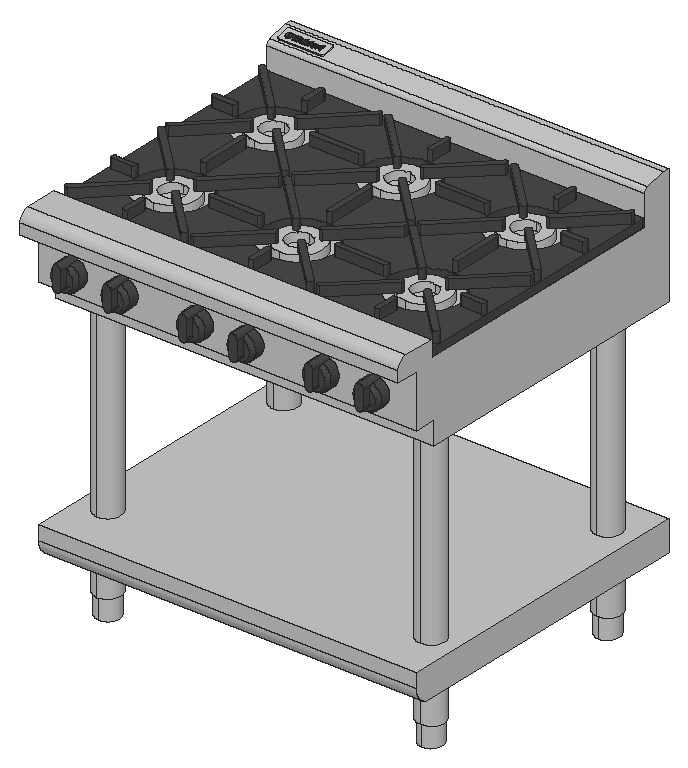
Revit family "QF_MOFFAT WALDORF_RNL8600G-LS", category Specialty Equipment, Revit 2012
Parameters
  Weight in Pounds = 284.396
  URL Cutsheet = "www.moffat.com"
  URL = "www.moffat.com"
  Type Mark [instance] = ""
  Status [instance] = ""
  Specification by User [instance] = ""
  Specification by Manufacturer = ""
  Show Logo [instance] = yes
  Show Casters [instance] = no
  Serial Number = ""
  Seismic Rating = ""
  SMACNA No = ""
  Revision Code [instance] = ""
  Omniclass Number and Title = ""
  NAFEM Spec ID Number = ""
  Model = "RNL8600G-LS"
  Mechanical Remarks [instance] = ""
  Mechanical Connection Type [instance] = ""
  Masterspec = ""
  Manufacturer = "MOFFAT WALDORF"
  Legs [instance] = not(Show Casters)  # yes
  Item Number [instance] = ""
  Installed By [instance] = ""
  Identify Quantity as Lot [instance] = yes
  Gas Size = 3/4"
  Gas RI Height [instance] = 0.0 mm
  Gas KW [instance] = 46.6
  Gas Input [instance] = 159233.0 Btu/h
  Gas Connection Height = 0.0 mm
  Furnished By [instance] = ""
  Foodservice Equipment Identifier [instance] = yes
  Description = "COOK TOP LOW SPLASHBACK GAS ON LEG STAND"
  CSI MasterFormat = ""
  CSI Master Format = ""
  Body Height [instance] = 915.0 mm
  Base Height [instance] = 150.0 mm
Reference planes
  plane 1 "BACK": y = 0
  plane 2: z = 0
  plane 3 "LEFT": x = 0
  plane 4 "RIGHT": x = 900
  plane 5 "FRONT": y = -805
  plane 6 "TOP": z = 970
  plane 7 "Center Y": x = 450
  plane 8 "Center X": y = -402.5
  plane 9 "Base Height": z = 150
  plane 10: z = 915
  plane 11: x = 65.8
  plane 12: x = 65
  plane 13: x = 835
Forms (mm)
  Extrusion 1, solid, material "QF_Finishes_Stainless Steel"
    sketch origin (0, 0, 600) x (0, 1, 0) y (0, 0, 1)
      loop
        line (-805, 291) -> (-805, 266) -> (-749, 266) -> (-749, 140) -> (-699, 140) -> (-699, 85) -> (0, 85) -> (0, 135) -> (0, 370) -> (-15, 370) -> (-61.106, 357.646)
        arc (-61.106, 357.646) -> (-67.52, 353.36) -> (-70, 346.055) r 12
        line (-70, 346.055) -> (-70, 275) -> (-705, 275) -> (-705, 315) -> (-781, 315)
        arc (-781, 315) -> (-797.971, 307.971) -> (-805, 291) r 24
      loop
        line (0, -377.5) -> (-749, -377.5) -> (-749, -412)
        arc (-749, -412) -> (-737.87, -438.87) -> (-711, -450) r 38
        line (-711, -450) -> (0, -450) -> (0, -377.5)
    from 0 to 900
  Revolve 2, solid, material "QF_Finishes_Black"
    sketch origin (210, 0, 600) x (0, -1, 0) y (0, 0, 1)
      loop
        line (782, 229.605) -> (759, 229.605) -> (759, 202.105) -> (749, 202.105) -> (749, 197.105) -> (793, 197.105) -> (793, 223.757) -> (782, 229.605)
      axis (793, 197.105) -> (749, 197.105)
    angle from 0 to 360
  Extrusion 3, solid, material "QF_Finishes_Black"
    sketch origin (-78.431, 0, 496.003) x (1, 0, 0) y (0, 0, 1)
      loop
        line (298.431, 289) -> (298.431, 327.997)
        arc (298.431, 327.997) -> (288.431, 337.997) -> (278.431, 327.997) r 10
        line (278.431, 327.997) -> (278.431, 289)
        arc (278.431, 289) -> (288.431, 279) -> (298.431, 289) r 10
    from 759 to 808
  Extrusion 4, solid, material "QF_Finishes_Stainless Steel"
    sketch origin (705, 3, 100) x (1, 0, 0) y (0, 1, 0)
      loop
        circle (65, -35) r 13.5
    from 555 to 585
  Revolve 5, solid, material "QF_Finishes_Black"
    sketch origin (89.999, 0, 599.873) x (0, 1, 0) y (0, 0, -1)
      loop
        line (-782, -229.5) -> (-759, -229.5) -> (-759, -202) -> (-749, -202) -> (-749, -197) -> (-793, -197) -> (-793, -223.651) -> (-782, -229.5)
      axis (-793, -197) -> (-749, -197)
    angle from 0 to 360
  Extrusion 6, solid, material "QF_Finishes_Black"
    sketch origin (228.269, 0, 600.031) x (-1, 0, 0) y (0, 0, -1)
      loop
        arc (148.269, -184.969) -> (138.269, -174.969) -> (128.269, -184.969) r 10
        line (128.269, -184.969) -> (128.269, -223.969)
        arc (128.269, -223.969) -> (138.269, -233.969) -> (148.269, -223.969) r 10
        line (148.269, -223.969) -> (148.269, -184.969)
    from 759 to 808
  Extrusion 7, solid, material "QF_Finishes_Black"
    sketch origin (0, -77.318, 875) x (0, -1, 0) y (1, 0, 0)
      loop
        arc (-6.318, 4) -> (-5.439, 1.879) -> (-3.318, 1) r 3
        line (-3.318, 1) -> (623.682, 1)
        arc (623.682, 1) -> (625.804, 1.879) -> (626.682, 4) r 3
        line (626.682, 4) -> (626.682, 896)
        arc (626.682, 896) -> (625.804, 898.121) -> (623.682, 899) r 3
        line (623.682, 899) -> (-3.318, 899)
        arc (-3.318, 899) -> (-5.439, 898.121) -> (-6.318, 896) r 3
        line (-6.318, 896) -> (-6.318, 4)
      loop
        circle (160.182, 150) r 84.082
      loop
        circle (460.182, 150) r 84.082
      loop
        circle (460.182, 750) r 84.082
      loop
        circle (160.182, 750) r 84.082
      loop
        circle (160.182, 450) r 84.082
      loop
        circle (460.182, 450) r 84.082
    from 0 to 19.5
  Extrusion 8, solid, material "QF_Finishes_Black"
    sketch origin (0, -77.318, 894.5) x (0, -1, 0) y (1, 0, 0)
      loop
        spline (316.285, 15.153) -> (315.364, 13.924) -> (314.814, 12.47) -> (314.672, 10.89) -> (314.949, 9.292) -> (315.626, 7.786) -> (316.655, 6.473) -> (317.968, 5.443) -> (319.475, 4.767) -> (321.072, 4.49) -> (322.652, 4.631) -> (324.106, 5.181) -> (325.336, 6.102)
        line (325.336, 6.102) -> (433.259, 114.025)
        spline (433.259, 114.025) -> (434.019, 115.095) -> (434.42, 116.399) -> (434.433, 117.851) -> (434.058, 119.35) -> (433.319, 120.795) -> (432.269, 122.086) -> (430.977, 123.137) -> (429.532, 123.875) -> (428.033, 124.251) -> (426.582, 124.238) -> (425.277, 123.837) -> (424.208, 123.076)
        line (424.208, 123.076) -> (316.285, 15.153)
      loop
        spline (252.08, 156.4) -> (250.786, 156.182) -> (249.58, 155.543) -> (248.545, 154.525) -> (247.75, 153.2) -> (247.251, 151.656) -> (247.08, 150) -> (247.251, 148.344) -> (247.75, 146.8) -> (248.545, 145.475) -> (249.58, 144.457) -> (250.786, 143.818) -> (252.08, 143.6)
        line (252.08, 143.6) -> (368.284, 143.6)
        spline (368.284, 143.6) -> (369.579, 143.818) -> (370.784, 144.457) -> (371.82, 145.475) -> (372.615, 146.8) -> (373.114, 148.344) -> (373.284, 150) -> (373.114, 151.656) -> (372.615, 153.2) -> (371.82, 154.525) -> (370.784, 155.543) -> (369.579, 156.182) -> (368.284, 156.4)
        line (368.284, 156.4) -> (252.08, 156.4)
      loop
        spline (601.284, 143.6) -> (602.579, 143.818) -> (603.784, 144.457) -> (604.82, 145.475) -> (605.615, 146.8) -> (606.114, 148.344) -> (606.284, 150) -> (606.114, 151.656) -> (605.615, 153.2) -> (604.82, 154.525) -> (603.784, 155.543) -> (602.579, 156.182) -> (601.284, 156.4)
        line (601.284, 156.4) -> (552.08, 156.4)
        spline (552.08, 156.4) -> (550.786, 156.182) -> (549.58, 155.543) -> (548.545, 154.525) -> (547.75, 153.2) -> (547.251, 151.656) -> (547.08, 150) -> (547.251, 148.344) -> (547.75, 146.8) -> (548.545, 145.475) -> (549.58, 144.457) -> (550.786, 143.818) -> (552.08, 143.6)
        line (552.08, 143.6) -> (601.284, 143.6)
      loop
        line (604.08, 15.153) -> (496.157, 123.076)
        spline (496.157, 123.076) -> (495.088, 123.837) -> (493.783, 124.238) -> (492.332, 124.251) -> (490.832, 123.875) -> (489.388, 123.137) -> (488.096, 122.086) -> (487.045, 120.795) -> (486.307, 119.35) -> (485.932, 117.851) -> (485.945, 116.399) -> (486.345, 115.095) -> (487.106, 114.025)
        line (487.106, 114.025) -> (595.029, 6.102)
        spline (595.029, 6.102) -> (596.098, 5.341) -> (597.403, 4.941) -> (598.855, 4.928) -> (600.354, 5.303) -> (601.798, 6.041) -> (603.09, 7.092) -> (604.141, 8.384) -> (604.879, 9.829) -> (605.255, 11.328) -> (605.242, 12.779) -> (604.841, 14.084) -> (604.08, 15.153)
      loop
        line (466.582, 8.898) -> (466.582, 58.102)
        spline (466.582, 58.102) -> (466.364, 59.396) -> (465.725, 60.602) -> (464.708, 61.638) -> (463.382, 62.432) -> (461.839, 62.932) -> (460.182, 63.102) -> (458.526, 62.932) -> (456.982, 62.432) -> (455.657, 61.638) -> (454.64, 60.602) -> (454, 59.396) -> (453.782, 58.102)
        line (453.782, 58.102) -> (453.782, 8.898)
        spline (453.782, 8.898) -> (454, 7.604) -> (454.64, 6.398) -> (455.657, 5.362) -> (456.982, 4.568) -> (458.526, 4.068) -> (460.182, 3.898) -> (461.839, 4.068) -> (463.382, 4.568) -> (464.708, 5.362) -> (465.725, 6.398) -> (466.364, 7.604) -> (466.582, 8.898)
      loop
        spline (16.285, 15.153) -> (15.364, 13.924) -> (14.814, 12.47) -> (14.672, 10.89) -> (14.949, 9.292) -> (15.626, 7.786) -> (16.655, 6.473) -> (17.968, 5.443) -> (19.475, 4.767) -> (21.072, 4.49) -> (22.652, 4.631) -> (24.106, 5.181) -> (25.336, 6.102)
        line (25.336, 6.102) -> (133.259, 114.025)
        spline (133.259, 114.025) -> (134.019, 115.095) -> (134.42, 116.399) -> (134.433, 117.851) -> (134.058, 119.35) -> (133.319, 120.795) -> (132.269, 122.086) -> (130.977, 123.137) -> (129.532, 123.875) -> (128.033, 124.251) -> (126.582, 124.238) -> (125.277, 123.837) -> (124.208, 123.076)
        line (124.208, 123.076) -> (16.285, 15.153)
      loop
        spline (19.08, 156.4) -> (17.786, 156.182) -> (16.58, 155.543) -> (15.545, 154.525) -> (14.75, 153.2) -> (14.251, 151.656) -> (14.08, 150) -> (14.251, 148.344) -> (14.75, 146.8) -> (15.545, 145.475) -> (16.58, 144.457) -> (17.786, 143.818) -> (19.08, 143.6)
        line (19.08, 143.6) -> (68.284, 143.6)
        spline (68.284, 143.6) -> (69.579, 143.818) -> (70.784, 144.457) -> (71.82, 145.475) -> (72.615, 146.8) -> (73.114, 148.344) -> (73.284, 150) -> (73.114, 151.656) -> (72.615, 153.2) -> (71.82, 154.525) -> (70.784, 155.543) -> (69.579, 156.182) -> (68.284, 156.4)
        line (68.284, 156.4) -> (19.08, 156.4)
      loop
        line (304.08, 15.153) -> (196.157, 123.076)
        spline (196.157, 123.076) -> (195.088, 123.837) -> (193.783, 124.238) -> (192.332, 124.251) -> (190.832, 123.875) -> (189.388, 123.137) -> (188.096, 122.086) -> (187.045, 120.795) -> (186.307, 119.35) -> (185.932, 117.851) -> (185.945, 116.399) -> (186.345, 115.095) -> (187.106, 114.025)
        line (187.106, 114.025) -> (295.029, 6.102)
        spline (295.029, 6.102) -> (296.098, 5.341) -> (297.403, 4.941) -> (298.855, 4.928) -> (300.354, 5.303) -> (301.798, 6.041) -> (303.09, 7.092) -> (304.141, 8.384) -> (304.879, 9.829) -> (305.255, 11.328) -> (305.242, 12.779) -> (304.841, 14.084) -> (304.08, 15.153)
      loop
        line (166.582, 8.898) -> (166.582, 58.102)
        spline (166.582, 58.102) -> (166.364, 59.396) -> (165.725, 60.602) -> (164.708, 61.638) -> (163.382, 62.432) -> (161.839, 62.932) -> (160.182, 63.102) -> (158.526, 62.932) -> (156.982, 62.432) -> (155.657, 61.638) -> (154.64, 60.602) -> (154, 59.396) -> (153.782, 58.102)
        line (153.782, 58.102) -> (153.782, 8.898)
        spline (153.782, 8.898) -> (154, 7.604) -> (154.64, 6.398) -> (155.657, 5.362) -> (156.982, 4.568) -> (158.526, 4.068) -> (160.182, 3.898) -> (161.839, 4.068) -> (163.382, 4.568) -> (164.708, 5.362) -> (165.725, 6.398) -> (166.364, 7.604) -> (166.582, 8.898)
      loop
        line (316.285, 284.847) -> (424.208, 176.924)
        spline (424.208, 176.924) -> (425.277, 176.163) -> (426.582, 175.762) -> (428.033, 175.749) -> (429.532, 176.125) -> (430.977, 176.863) -> (432.269, 177.914) -> (433.319, 179.205) -> (434.058, 180.65) -> (434.433, 182.149) -> (434.42, 183.601) -> (434.019, 184.905) -> (433.259, 185.975)
        line (433.259, 185.975) -> (325.336, 293.898)
        spline (325.336, 293.898) -> (324.106, 294.819) -> (322.652, 295.369) -> (321.072, 295.51) -> (319.475, 295.233) -> (317.968, 294.557) -> (316.655, 293.527) -> (315.626, 292.214) -> (314.949, 290.708) -> (314.672, 289.11) -> (314.814, 287.53) -> (315.364, 286.076) -> (316.285, 284.847)
      loop
        spline (604.08, 284.847) -> (604.841, 285.916) -> (605.242, 287.221) -> (605.255, 288.672) -> (604.879, 290.171) -> (604.141, 291.616) -> (603.09, 292.908) -> (601.798, 293.959) -> (600.354, 294.697) -> (598.855, 295.072) -> (597.403, 295.059) -> (596.098, 294.659) -> (595.029, 293.898)
        line (595.029, 293.898) -> (487.106, 185.975)
        spline (487.106, 185.975) -> (486.345, 184.905) -> (485.945, 183.601) -> (485.932, 182.149) -> (486.307, 180.65) -> (487.045, 179.205) -> (488.096, 177.914) -> (489.388, 176.863) -> (490.832, 176.125) -> (492.332, 175.749) -> (493.783, 175.762) -> (495.088, 176.163) -> (496.157, 176.924)
        line (496.157, 176.924) -> (604.08, 284.847)
      loop
        spline (453.782, 241.898) -> (454, 240.604) -> (454.64, 239.398) -> (455.657, 238.362) -> (456.982, 237.568) -> (458.526, 237.068) -> (460.182, 236.898) -> (461.839, 237.068) -> (463.382, 237.568) -> (464.708, 238.362) -> (465.725, 239.398) -> (466.364, 240.604) -> (466.582, 241.898)
        line (466.582, 241.898) -> (466.582, 358.102)
        spline (466.582, 358.102) -> (466.364, 359.396) -> (465.725, 360.602) -> (464.708, 361.638) -> (463.382, 362.432) -> (461.839, 362.932) -> (460.182, 363.102) -> (458.526, 362.932) -> (456.982, 362.432) -> (455.657, 361.638) -> (454.64, 360.602) -> (454, 359.396) -> (453.782, 358.102)
        line (453.782, 358.102) -> (453.782, 241.898)
      loop
        line (16.285, 284.847) -> (124.208, 176.924)
        spline (124.208, 176.924) -> (125.277, 176.163) -> (126.582, 175.762) -> (128.033, 175.749) -> (129.532, 176.125) -> (130.977, 176.863) -> (132.269, 177.914) -> (133.319, 179.205) -> (134.058, 180.65) -> (134.433, 182.149) -> (134.42, 183.601) -> (134.019, 184.905) -> (133.259, 185.975)
        line (133.259, 185.975) -> (25.336, 293.898)
        spline (25.336, 293.898) -> (24.106, 294.819) -> (22.652, 295.369) -> (21.072, 295.51) -> (19.475, 295.233) -> (17.968, 294.557) -> (16.655, 293.527) -> (15.626, 292.214) -> (14.949, 290.708) -> (14.672, 289.11) -> (14.814, 287.53) -> (15.364, 286.076) -> (16.285, 284.847)
      loop
        spline (304.08, 284.847) -> (304.841, 285.916) -> (305.242, 287.221) -> (305.255, 288.672) -> (304.879, 290.171) -> (304.141, 291.616) -> (303.09, 292.908) -> (301.798, 293.959) -> (300.354, 294.697) -> (298.855, 295.072) -> (297.403, 295.059) -> (296.098, 294.659) -> (295.029, 293.898)
        line (295.029, 293.898) -> (187.106, 185.975)
        spline (187.106, 185.975) -> (186.345, 184.905) -> (185.945, 183.601) -> (185.932, 182.149) -> (186.307, 180.65) -> (187.045, 179.205) -> (188.096, 177.914) -> (189.388, 176.863) -> (190.832, 176.125) -> (192.332, 175.749) -> (193.783, 175.762) -> (195.088, 176.163) -> (196.157, 176.924)
        line (196.157, 176.924) -> (304.08, 284.847)
      loop
        spline (166.582, 358.102) -> (166.364, 359.396) -> (165.725, 360.602) -> (164.708, 361.638) -> (163.382, 362.432) -> (161.839, 362.932) -> (160.182, 363.102) -> (158.526, 362.932) -> (156.982, 362.432) -> (155.657, 361.638) -> (154.64, 360.602) -> (154, 359.396) -> (153.782, 358.102)
        line (153.782, 358.102) -> (153.782, 241.898)
        spline (153.782, 241.898) -> (154, 240.604) -> (154.64, 239.398) -> (155.657, 238.362) -> (156.982, 237.568) -> (158.526, 237.068) -> (160.182, 236.898) -> (161.839, 237.068) -> (163.382, 237.568) -> (164.708, 238.362) -> (165.725, 239.398) -> (166.364, 240.604) -> (166.582, 241.898)
        line (166.582, 241.898) -> (166.582, 358.102)
      loop
        spline (316.285, 315.153) -> (315.364, 313.924) -> (314.814, 312.47) -> (314.672, 310.89) -> (314.949, 309.292) -> (315.626, 307.786) -> (316.655, 306.473) -> (317.968, 305.443) -> (319.475, 304.767) -> (321.072, 304.49) -> (322.652, 304.631) -> (324.106, 305.181) -> (325.336, 306.102)
        line (325.336, 306.102) -> (433.259, 414.025)
        spline (433.259, 414.025) -> (434.019, 415.095) -> (434.42, 416.399) -> (434.433, 417.851) -> (434.058, 419.35) -> (433.319, 420.795) -> (432.269, 422.086) -> (430.977, 423.137) -> (429.532, 423.875) -> (428.033, 424.251) -> (426.582, 424.238) -> (425.277, 423.837) -> (424.208, 423.076)
        line (424.208, 423.076) -> (316.285, 315.153)
      loop
        spline (252.08, 456.4) -> (250.786, 456.182) -> (249.58, 455.543) -> (248.545, 454.525) -> (247.75, 453.2) -> (247.251, 451.656) -> (247.08, 450) -> (247.251, 448.344) -> (247.75, 446.8) -> (248.545, 445.475) -> (249.58, 444.457) -> (250.786, 443.818) -> (252.08, 443.6)
        line (252.08, 443.6) -> (368.284, 443.6)
        spline (368.284, 443.6) -> (369.579, 443.818) -> (370.784, 444.457) -> (371.82, 445.475) -> (372.615, 446.8) -> (373.114, 448.344) -> (373.284, 450) -> (373.114, 451.656) -> (372.615, 453.2) -> (371.82, 454.525) -> (370.784, 455.543) -> (369.579, 456.182) -> (368.284, 456.4)
        line (368.284, 456.4) -> (252.08, 456.4)
      loop
        spline (601.284, 443.6) -> (602.579, 443.818) -> (603.784, 444.457) -> (604.82, 445.475) -> (605.615, 446.8) -> (606.114, 448.344) -> (606.284, 450) -> (606.114, 451.656) -> (605.615, 453.2) -> (604.82, 454.525) -> (603.784, 455.543) -> (602.579, 456.182) -> (601.284, 456.4)
        line (601.284, 456.4) -> (552.08, 456.4)
        spline (552.08, 456.4) -> (550.786, 456.182) -> (549.58, 455.543) -> (548.545, 454.525) -> (547.75, 453.2) -> (547.251, 451.656) -> (547.08, 450) -> (547.251, 448.344) -> (547.75, 446.8) -> (548.545, 445.475) -> (549.58, 444.457) -> (550.786, 443.818) -> (552.08, 443.6)
        line (552.08, 443.6) -> (601.284, 443.6)
      loop
        line (604.08, 315.153) -> (496.157, 423.076)
        spline (496.157, 423.076) -> (495.088, 423.837) -> (493.783, 424.238) -> (492.332, 424.251) -> (490.832, 423.875) -> (489.388, 423.137) -> (488.096, 422.086) -> (487.045, 420.795) -> (486.307, 419.35) -> (485.932, 417.851) -> (485.945, 416.399) -> (486.345, 415.095) -> (487.106, 414.025)
        line (487.106, 414.025) -> (595.029, 306.102)
        spline (595.029, 306.102) -> (596.098, 305.341) -> (597.403, 304.941) -> (598.855, 304.928) -> (600.354, 305.303) -> (601.798, 306.041) -> (603.09, 307.092) -> (604.141, 308.384) -> (604.879, 309.829) -> (605.255, 311.328) -> (605.242, 312.779) -> (604.841, 314.084) -> (604.08, 315.153)
      loop
        spline (16.285, 315.153) -> (15.364, 313.924) -> (14.814, 312.47) -> (14.672, 310.89) -> (14.949, 309.292) -> (15.626, 307.786) -> (16.655, 306.473) -> (17.968, 305.443) -> (19.475, 304.767) -> (21.072, 304.49) -> (22.652, 304.631) -> (24.106, 305.181) -> (25.336, 306.102)
        line (25.336, 306.102) -> (133.259, 414.025)
        spline (133.259, 414.025) -> (134.019, 415.095) -> (134.42, 416.399) -> (134.433, 417.851) -> (134.058, 419.35) -> (133.319, 420.795) -> (132.269, 422.086) -> (130.977, 423.137) -> (129.532, 423.875) -> (128.033, 424.251) -> (126.582, 424.238) -> (125.277, 423.837) -> (124.208, 423.076)
        line (124.208, 423.076) -> (16.285, 315.153)
      loop
        spline (19.08, 456.4) -> (17.786, 456.182) -> (16.58, 455.543) -> (15.545, 454.525) -> (14.75, 453.2) -> (14.251, 451.656) -> (14.08, 450) -> (14.251, 448.344) -> (14.75, 446.8) -> (15.545, 445.475) -> (16.58, 444.457) -> (17.786, 443.818) -> (19.08, 443.6)
        line (19.08, 443.6) -> (68.284, 443.6)
        spline (68.284, 443.6) -> (69.579, 443.818) -> (70.784, 444.457) -> (71.82, 445.475) -> (72.615, 446.8) -> (73.114, 448.344) -> (73.284, 450) -> (73.114, 451.656) -> (72.615, 453.2) -> (71.82, 454.525) -> (70.784, 455.543) -> (69.579, 456.182) -> (68.284, 456.4)
        line (68.284, 456.4) -> (19.08, 456.4)
      loop
        line (304.08, 315.153) -> (196.157, 423.076)
        spline (196.157, 423.076) -> (195.088, 423.837) -> (193.783, 424.238) -> (192.332, 424.251) -> (190.832, 423.875) -> (189.388, 423.137) -> (188.096, 422.086) -> (187.045, 420.795) -> (186.307, 419.35) -> (185.932, 417.851) -> (185.945, 416.399) -> (186.345, 415.095) -> (187.106, 414.025)
        line (187.106, 414.025) -> (295.029, 306.102)
        spline (295.029, 306.102) -> (296.098, 305.341) -> (297.403, 304.941) -> (298.855, 304.928) -> (300.354, 305.303) -> (301.798, 306.041) -> (303.09, 307.092) -> (304.141, 308.384) -> (304.879, 309.829) -> (305.255, 311.328) -> (305.242, 312.779) -> (304.841, 314.084) -> (304.08, 315.153)
      loop
        line (316.285, 584.847) -> (424.208, 476.924)
        spline (424.208, 476.924) -> (425.277, 476.163) -> (426.582, 475.762) -> (428.033, 475.749) -> (429.532, 476.125) -> (430.977, 476.863) -> (432.269, 477.914) -> (433.319, 479.205) -> (434.058, 480.65) -> (434.433, 482.149) -> (434.42, 483.601) -> (434.019, 484.905) -> (433.259, 485.975)
        line (433.259, 485.975) -> (325.336, 593.898)
        spline (325.336, 593.898) -> (324.106, 594.819) -> (322.652, 595.369) -> (321.072, 595.51) -> (319.475, 595.233) -> (317.968, 594.557) -> (316.655, 593.527) -> (315.626, 592.214) -> (314.949, 590.708) -> (314.672, 589.11) -> (314.814, 587.53) -> (315.364, 586.076) -> (316.285, 584.847)
      loop
        spline (604.08, 584.847) -> (604.841, 585.916) -> (605.242, 587.221) -> (605.255, 588.672) -> (604.879, 590.171) -> (604.141, 591.616) -> (603.09, 592.908) -> (601.798, 593.959) -> (600.354, 594.697) -> (598.855, 595.072) -> (597.403, 595.059) -> (596.098, 594.659) -> (595.029, 593.898)
        line (595.029, 593.898) -> (487.106, 485.975)
        spline (487.106, 485.975) -> (486.345, 484.905) -> (485.945, 483.601) -> (485.932, 482.149) -> (486.307, 480.65) -> (487.045, 479.205) -> (488.096, 477.914) -> (489.388, 476.863) -> (490.832, 476.125) -> (492.332, 475.749) -> (493.783, 475.762) -> (495.088, 476.163) -> (496.157, 476.924)
        line (496.157, 476.924) -> (604.08, 584.847)
      loop
        spline (466.582, 658.102) -> (466.364, 659.396) -> (465.725, 660.602) -> (464.708, 661.638) -> (463.382, 662.432) -> (461.839, 662.932) -> (460.182, 663.102) -> (458.526, 662.932) -> (456.982, 662.432) -> (455.657, 661.638) -> (454.64, 660.602) -> (454, 659.396) -> (453.782, 658.102)
        line (453.782, 658.102) -> (453.782, 541.898)
        spline (453.782, 541.898) -> (454, 540.604) -> (454.64, 539.398) -> (455.657, 538.362) -> (456.982, 537.568) -> (458.526, 537.068) -> (460.182, 536.898) -> (461.839, 537.068) -> (463.382, 537.568) -> (464.708, 538.362) -> (465.725, 539.398) -> (466.364, 540.604) -> (466.582, 541.898)
        line (466.582, 541.898) -> (466.582, 658.102)
      loop
        line (16.285, 584.847) -> (124.208, 476.924)
        spline (124.208, 476.924) -> (125.277, 476.163) -> (126.582, 475.762) -> (128.033, 475.749) -> (129.532, 476.125) -> (130.977, 476.863) -> (132.269, 477.914) -> (133.319, 479.205) -> (134.058, 480.65) -> (134.433, 482.149) -> (134.42, 483.601) -> (134.019, 484.905) -> (133.259, 485.975)
        line (133.259, 485.975) -> (25.336, 593.898)
        spline (25.336, 593.898) -> (24.106, 594.819) -> (22.652, 595.369) -> (21.072, 595.51) -> (19.475, 595.233) -> (17.968, 594.557) -> (16.655, 593.527) -> (15.626, 592.214) -> (14.949, 590.708) -> (14.672, 589.11) -> (14.814, 587.53) -> (15.364, 586.076) -> (16.285, 584.847)
      loop
        spline (304.08, 584.847) -> (304.841, 585.916) -> (305.242, 587.221) -> (305.255, 588.672) -> (304.879, 590.171) -> (304.141, 591.616) -> (303.09, 592.908) -> (301.798, 593.959) -> (300.354, 594.697) -> (298.855, 595.072) -> (297.403, 595.059) -> (296.098, 594.659) -> (295.029, 593.898)
        line (295.029, 593.898) -> (187.106, 485.975)
        spline (187.106, 485.975) -> (186.345, 484.905) -> (185.945, 483.601) -> (185.932, 482.149) -> (186.307, 480.65) -> (187.045, 479.205) -> (188.096, 477.914) -> (189.388, 476.863) -> (190.832, 476.125) -> (192.332, 475.749) -> (193.783, 475.762) -> (195.088, 476.163) -> (196.157, 476.924)
        line (196.157, 476.924) -> (304.08, 584.847)
      loop
        spline (166.582, 658.102) -> (166.364, 659.396) -> (165.725, 660.602) -> (164.708, 661.638) -> (163.382, 662.432) -> (161.839, 662.932) -> (160.182, 663.102) -> (158.526, 662.932) -> (156.982, 662.432) -> (155.657, 661.638) -> (154.64, 660.602) -> (154, 659.396) -> (153.782, 658.102)
        line (153.782, 658.102) -> (153.782, 541.898)
        spline (153.782, 541.898) -> (154, 540.604) -> (154.64, 539.398) -> (155.657, 538.362) -> (156.982, 537.568) -> (158.526, 537.068) -> (160.182, 536.898) -> (161.839, 537.068) -> (163.382, 537.568) -> (164.708, 538.362) -> (165.725, 539.398) -> (166.364, 540.604) -> (166.582, 541.898)
        line (166.582, 541.898) -> (166.582, 658.102)
      loop
        spline (316.285, 615.153) -> (315.364, 613.924) -> (314.814, 612.47) -> (314.672, 610.89) -> (314.949, 609.292) -> (315.626, 607.786) -> (316.655, 606.473) -> (317.968, 605.443) -> (319.475, 604.767) -> (321.072, 604.49) -> (322.652, 604.631) -> (324.106, 605.181) -> (325.336, 606.102)
        line (325.336, 606.102) -> (433.259, 714.025)
        spline (433.259, 714.025) -> (434.019, 715.095) -> (434.42, 716.399) -> (434.433, 717.851) -> (434.058, 719.35) -> (433.319, 720.795) -> (432.269, 722.086) -> (430.977, 723.137) -> (429.532, 723.875) -> (428.033, 724.251) -> (426.582, 724.238) -> (425.277, 723.837) -> (424.208, 723.076)
        line (424.208, 723.076) -> (316.285, 615.153)
      loop
        spline (252.08, 756.4) -> (250.786, 756.182) -> (249.58, 755.543) -> (248.545, 754.525) -> (247.75, 753.2) -> (247.251, 751.656) -> (247.08, 750) -> (247.251, 748.344) -> (247.75, 746.8) -> (248.545, 745.475) -> (249.58, 744.457) -> (250.786, 743.818) -> (252.08, 743.6)
        line (252.08, 743.6) -> (368.284, 743.6)
        spline (368.284, 743.6) -> (369.579, 743.818) -> (370.784, 744.457) -> (371.82, 745.475) -> (372.615, 746.8) -> (373.114, 748.344) -> (373.284, 750) -> (373.114, 751.656) -> (372.615, 753.2) -> (371.82, 754.525) -> (370.784, 755.543) -> (369.579, 756.182) -> (368.284, 756.4)
        line (368.284, 756.4) -> (252.08, 756.4)
      loop
        spline (601.284, 743.6) -> (602.579, 743.818) -> (603.784, 744.457) -> (604.82, 745.475) -> (605.615, 746.8) -> (606.114, 748.344) -> (606.284, 750) -> (606.114, 751.656) -> (605.615, 753.2) -> (604.82, 754.525) -> (603.784, 755.543) -> (602.579, 756.182) -> (601.284, 756.4)
        line (601.284, 756.4) -> (552.08, 756.4)
        spline (552.08, 756.4) -> (550.786, 756.182) -> (549.58, 755.543) -> (548.545, 754.525) -> (547.75, 753.2) -> (547.251, 751.656) -> (547.08, 750) -> (547.251, 748.344) -> (547.75, 746.8) -> (548.545, 745.475) -> (549.58, 744.457) -> (550.786, 743.818) -> (552.08, 743.6)
        line (552.08, 743.6) -> (601.284, 743.6)
      loop
        line (604.08, 615.153) -> (496.157, 723.076)
        spline (496.157, 723.076) -> (495.088, 723.837) -> (493.783, 724.238) -> (492.332, 724.251) -> (490.832, 723.875) -> (489.388, 723.137) -> (488.096, 722.086) -> (487.045, 720.795) -> (486.307, 719.35) -> (485.932, 717.851) -> (485.945, 716.399) -> (486.345, 715.095) -> (487.106, 714.025)
        line (487.106, 714.025) -> (595.029, 606.102)
        spline (595.029, 606.102) -> (596.098, 605.341) -> (597.403, 604.941) -> (598.855, 604.928) -> (600.354, 605.303) -> (601.798, 606.041) -> (603.09, 607.092) -> (604.141, 608.384) -> (604.879, 609.829) -> (605.255, 611.328) -> (605.242, 612.779) -> (604.841, 614.084) -> (604.08, 615.153)
      loop
        spline (16.285, 615.153) -> (15.364, 613.924) -> (14.814, 612.47) -> (14.672, 610.89) -> (14.949, 609.292) -> (15.626, 607.786) -> (16.655, 606.473) -> (17.968, 605.443) -> (19.475, 604.767) -> (21.072, 604.49) -> (22.652, 604.631) -> (24.106, 605.181) -> (25.336, 606.102)
        line (25.336, 606.102) -> (133.259, 714.025)
        spline (133.259, 714.025) -> (134.019, 715.095) -> (134.42, 716.399) -> (134.433, 717.851) -> (134.058, 719.35) -> (133.319, 720.795) -> (132.269, 722.086) -> (130.977, 723.137) -> (129.532, 723.875) -> (128.033, 724.251) -> (126.582, 724.238) -> (125.277, 723.837) -> (124.208, 723.076)
        line (124.208, 723.076) -> (16.285, 615.153)
      loop
        spline (19.08, 756.4) -> (17.786, 756.182) -> (16.58, 755.543) -> (15.545, 754.525) -> (14.75, 753.2) -> (14.251, 751.656) -> (14.08, 750) -> (14.251, 748.344) -> (14.75, 746.8) -> (15.545, 745.475) -> (16.58, 744.457) -> (17.786, 743.818) -> (19.08, 743.6)
        line (19.08, 743.6) -> (68.284, 743.6)
        spline (68.284, 743.6) -> (69.579, 743.818) -> (70.784, 744.457) -> (71.82, 745.475) -> (72.615, 746.8) -> (73.114, 748.344) -> (73.284, 750) -> (73.114, 751.656) -> (72.615, 753.2) -> (71.82, 754.525) -> (70.784, 755.543) -> (69.579, 756.182) -> (68.284, 756.4)
        line (68.284, 756.4) -> (19.08, 756.4)
      loop
        line (304.08, 615.153) -> (196.157, 723.076)
        spline (196.157, 723.076) -> (195.088, 723.837) -> (193.783, 724.238) -> (192.332, 724.251) -> (190.832, 723.875) -> (189.388, 723.137) -> (188.096, 722.086) -> (187.045, 720.795) -> (186.307, 719.35) -> (185.932, 717.851) -> (185.945, 716.399) -> (186.345, 715.095) -> (187.106, 714.025)
        line (187.106, 714.025) -> (295.029, 606.102)
        spline (295.029, 606.102) -> (296.098, 605.341) -> (297.403, 604.941) -> (298.855, 604.928) -> (300.354, 605.303) -> (301.798, 606.041) -> (303.09, 607.092) -> (304.141, 608.384) -> (304.879, 609.829) -> (305.255, 611.328) -> (305.242, 612.779) -> (304.841, 614.084) -> (304.08, 615.153)
      loop
        line (316.285, 884.847) -> (424.208, 776.924)
        spline (424.208, 776.924) -> (425.277, 776.163) -> (426.582, 775.762) -> (428.033, 775.749) -> (429.532, 776.125) -> (430.977, 776.863) -> (432.269, 777.914) -> (433.319, 779.205) -> (434.058, 780.65) -> (434.433, 782.149) -> (434.42, 783.601) -> (434.019, 784.905) -> (433.259, 785.975)
        line (433.259, 785.975) -> (325.336, 893.898)
        spline (325.336, 893.898) -> (324.106, 894.819) -> (322.652, 895.369) -> (321.072, 895.51) -> (319.475, 895.233) -> (317.968, 894.557) -> (316.655, 893.527) -> (315.626, 892.214) -> (314.949, 890.708) -> (314.672, 889.11) -> (314.814, 887.53) -> (315.364, 886.076) -> (316.285, 884.847)
      loop
        spline (604.08, 884.847) -> (604.841, 885.916) -> (605.242, 887.221) -> (605.255, 888.672) -> (604.879, 890.171) -> (604.141, 891.616) -> (603.09, 892.908) -> (601.798, 893.959) -> (600.354, 894.697) -> (598.855, 895.072) -> (597.403, 895.059) -> (596.098, 894.659) -> (595.029, 893.898)
        line (595.029, 893.898) -> (487.106, 785.975)
        spline (487.106, 785.975) -> (486.345, 784.905) -> (485.945, 783.601) -> (485.932, 782.149) -> (486.307, 780.65) -> (487.045, 779.205) -> (488.096, 777.914) -> (489.388, 776.863) -> (490.832, 776.125) -> (492.332, 775.749) -> (493.783, 775.762) -> (495.088, 776.163) -> (496.157, 776.924)
        line (496.157, 776.924) -> (604.08, 884.847)
      loop
        spline (466.582, 891.102) -> (466.364, 892.396) -> (465.725, 893.602) -> (464.708, 894.638) -> (463.382, 895.432) -> (461.839, 895.932) -> (460.182, 896.102) -> (458.526, 895.932) -> (456.982, 895.432) -> (455.657, 894.638) -> (454.64, 893.602) -> (454, 892.396) -> (453.782, 891.102)
        line (453.782, 891.102) -> (453.782, 841.898)
        spline (453.782, 841.898) -> (454, 840.604) -> (454.64, 839.398) -> (455.657, 838.362) -> (456.982, 837.568) -> (458.526, 837.068) -> (460.182, 836.898) -> (461.839, 837.068) -> (463.382, 837.568) -> (464.708, 838.362) -> (465.725, 839.398) -> (466.364, 840.604) -> (466.582, 841.898)
        line (466.582, 841.898) -> (466.582, 891.102)
      loop
        line (16.285, 884.847) -> (124.208, 776.924)
        spline (124.208, 776.924) -> (125.277, 776.163) -> (126.582, 775.762) -> (128.033, 775.749) -> (129.532, 776.125) -> (130.977, 776.863) -> (132.269, 777.914) -> (133.319, 779.205) -> (134.058, 780.65) -> (134.433, 782.149) -> (134.42, 783.601) -> (134.019, 784.905) -> (133.259, 785.975)
        line (133.259, 785.975) -> (25.336, 893.898)
        spline (25.336, 893.898) -> (24.106, 894.819) -> (22.652, 895.369) -> (21.072, 895.51) -> (19.475, 895.233) -> (17.968, 894.557) -> (16.655, 893.527) -> (15.626, 892.214) -> (14.949, 890.708) -> (14.672, 889.11) -> (14.814, 887.53) -> (15.364, 886.076) -> (16.285, 884.847)
      loop
        spline (304.08, 884.847) -> (304.841, 885.916) -> (305.242, 887.221) -> (305.255, 888.672) -> (304.879, 890.171) -> (304.141, 891.616) -> (303.09, 892.908) -> (301.798, 893.959) -> (300.354, 894.697) -> (298.855, 895.072) -> (297.403, 895.059) -> (296.098, 894.659) -> (295.029, 893.898)
        line (295.029, 893.898) -> (187.106, 785.975)
        spline (187.106, 785.975) -> (186.345, 784.905) -> (185.945, 783.601) -> (185.932, 782.149) -> (186.307, 780.65) -> (187.045, 779.205) -> (188.096, 777.914) -> (189.388, 776.863) -> (190.832, 776.125) -> (192.332, 775.749) -> (193.783, 775.762) -> (195.088, 776.163) -> (196.157, 776.924)
        line (196.157, 776.924) -> (304.08, 884.847)
      loop
        spline (166.582, 891.102) -> (166.364, 892.396) -> (165.725, 893.602) -> (164.708, 894.638) -> (163.382, 895.432) -> (161.839, 895.932) -> (160.182, 896.102) -> (158.526, 895.932) -> (156.982, 895.432) -> (155.657, 894.638) -> (154.64, 893.602) -> (154, 892.396) -> (153.782, 891.102)
        line (153.782, 891.102) -> (153.782, 841.898)
        spline (153.782, 841.898) -> (154, 840.604) -> (154.64, 839.398) -> (155.657, 838.362) -> (156.982, 837.568) -> (158.526, 837.068) -> (160.182, 836.898) -> (161.839, 837.068) -> (163.382, 837.568) -> (164.708, 838.362) -> (165.725, 839.398) -> (166.364, 840.604) -> (166.582, 841.898)
        line (166.582, 841.898) -> (166.582, 891.102)
    from 0 to 23.5
  Revolve 9, solid, material "QF_Finishes_Black"
    sketch origin (510, 0, 600) x (0, -1, 0) y (0, 0, 1)
      loop
        line (782, 229.605) -> (759, 229.605) -> (759, 202.105) -> (749, 202.105) -> (749, 197.105) -> (793, 197.105) -> (793, 223.757) -> (782, 229.605)
      axis (793, 197.105) -> (749, 197.105)
    angle from 0 to 360
  Extrusion 10, solid, material "QF_Finishes_Black"
    sketch origin (371.569, 0, 496.003) x (1, 0, 0) y (0, 0, 1)
      loop
        line (148.431, 289) -> (148.431, 327.997)
        arc (148.431, 327.997) -> (138.431, 337.997) -> (128.431, 327.997) r 10
        line (128.431, 327.997) -> (128.431, 289)
        arc (128.431, 289) -> (138.431, 279) -> (148.431, 289) r 10
    from 759 to 808
  Revolve 11, solid, material "QF_Finishes_Black"
    sketch origin (389.999, 0, 599.873) x (0, 1, 0) y (0, 0, -1)
      loop
        line (-782, -229.5) -> (-759, -229.5) -> (-759, -202) -> (-749, -202) -> (-749, -197) -> (-793, -197) -> (-793, -223.651) -> (-782, -229.5)
      axis (-793, -197) -> (-749, -197)
    angle from 0 to 360
  Extrusion 12, solid, material "QF_Finishes_Black"
    sketch origin (378.269, 0, 600.031) x (-1, 0, 0) y (0, 0, -1)
      loop
        arc (-1.731, -184.969) -> (-11.731, -174.969) -> (-21.731, -184.969) r 10
        line (-21.731, -184.969) -> (-21.731, -223.969)
        arc (-21.731, -223.969) -> (-11.731, -233.969) -> (-1.731, -223.969) r 10
        line (-1.731, -223.969) -> (-1.731, -184.969)
    from 759 to 808
  Revolve 13, solid, material "QF_Finishes_Black"
    sketch origin (810, 0, 600) x (0, -1, 0) y (0, 0, 1)
      loop
        line (782, 229.605) -> (759, 229.605) -> (759, 202.105) -> (749, 202.105) -> (749, 197.105) -> (793, 197.105) -> (793, 223.757) -> (782, 229.605)
      axis (793, 197.105) -> (749, 197.105)
    angle from 0 to 360
  Extrusion 14, solid, material "QF_Finishes_Black"
    sketch origin (671.569, 0, 496.003) x (1, 0, 0) y (0, 0, 1)
      loop
        line (148.431, 289) -> (148.431, 327.997)
        arc (148.431, 327.997) -> (138.431, 337.997) -> (128.431, 327.997) r 10
        line (128.431, 327.997) -> (128.431, 289)
        arc (128.431, 289) -> (138.431, 279) -> (148.431, 289) r 10
    from 759 to 808
  Revolve 15, solid, material "QF_Finishes_Black"
    sketch origin (689.999, 0, 599.873) x (0, 1, 0) y (0, 0, -1)
      loop
        line (-782, -229.5) -> (-759, -229.5) -> (-759, -202) -> (-749, -202) -> (-749, -197) -> (-793, -197) -> (-793, -223.651) -> (-782, -229.5)
      axis (-793, -197) -> (-749, -197)
    angle from 0 to 360
  Extrusion 16, solid, material "QF_Finishes_Black"
    sketch origin (678.269, 0, 600.031) x (-1, 0, 0) y (0, 0, -1)
      loop
        arc (-1.731, -184.969) -> (-11.731, -174.969) -> (-21.731, -184.969) r 10
        line (-21.731, -184.969) -> (-21.731, -223.969)
        arc (-21.731, -223.969) -> (-11.731, -233.969) -> (-1.731, -223.969) r 10
        line (-1.731, -223.969) -> (-1.731, -184.969)
    from 759 to 808
  Revolve 17, solid, material "QF_Finishes_Stainless Steel", visible <- "Legs"
    sketch origin (65, -165, 0) x (0, 1, 0) y (0, 0, 1)
      loop
        line (33.25, 150) -> (33.25, 50) -> (37.5, 50) -> (37.5, 0) -> (65, 0) -> (65, 150) -> (33.25, 150)
      axis (65, 150) -> (65, 0)
    angle from 0 to 360
  Revolve 18, solid, material "QF_Finishes_Stainless Steel"
    sketch origin (65, -735, 0) x (0, 1, 0) y (0, 0, 1)
      loop
        line (78.25, 150) -> (78.25, 50) -> (82.5, 50) -> (82.5, 0) -> (110, 0) -> (110, 150) -> (78.25, 150)
      axis (110, 150) -> (110, 0)
    angle from 0 to 360
  Revolve 19, solid, material "QF_Finishes_Stainless Steel", visible <- "Legs"
    sketch origin (835, -165, 0) x (0, 1, 0) y (0, 0, -1)
      loop
        line (33.25, -150) -> (65, -150) -> (65, 0) -> (37.5, 0) -> (37.5, -50) -> (33.25, -50) -> (33.25, -150)
      axis (65, -150) -> (65, 0)
    angle from 0 to 360
  Revolve 20, solid, material "QF_Finishes_Stainless Steel"
    sketch origin (835, -735, 0) x (0, 1, 0) y (0, 0, -1)
      loop
        line (78.25, -150) -> (110, -150) -> (110, 0) -> (82.5, 0) -> (82.5, -50) -> (78.25, -50) -> (78.25, -150)
      axis (110, -150) -> (110, 0)
    angle from 0 to 360
  Extrusion 21, solid, material "QF_Finishes_Stainless Steel"
    sketch origin (0, -699, 222.5) x (0, -1, 0) y (1, 0, 0)
      loop
        circle (-599, 65) r 31.75
      loop
        circle (-599, 835) r 31.75
      loop
        circle (-74, 65) r 31.75
      loop
        circle (-74, 835) r 31.75
    from 0 to 462.5
  Extrusion 22, solid, material "QF_Finishes_Stainless Steel"
    sketch origin (0, -77.318, 875) x (0, -1, 0) y (1, 0, 0)
      loop
        circle (160.182, 150) r 57
      loop
        circle (460.182, 150) r 57
      loop
        circle (160.182, 450) r 57
      loop
        circle (460.182, 450) r 57
      loop
        circle (160.182, 750) r 57
      loop
        circle (460.182, 750) r 57
      loop
        circle (160.182, 150) r 30
      loop
        circle (160.182, 450) r 30
      loop
        circle (160.182, 750) r 30
      loop
        circle (460.182, 750) r 30
      loop
        circle (460.182, 450) r 30
      loop
        circle (460.182, 150) r 30
    from 0 to 20
Lines and regions (mm)
  Split face 1
    outline origin (44.062, -19.972, 968.668) x (0, -0.965926, -0.258819) y (1, 0, 0)
      loop
        line (0.03, 105.5) -> (33.432, 105.5) -> (33.432, 125.5) -> (0.03, 125.5) -> (0.03, 105.5)
  Split face 2
    outline origin (79.062, -19.972, 968.668) x (0, -0.965926, -0.258819) y (1, 0, 0)
      loop
        line (0.03, 105.5) -> (33.432, 105.5) -> (33.432, 125.5) -> (0.03, 125.5) -> (0.03, 105.5)
  Split face 3
    outline origin (114.062, -19.972, 968.668) x (0, -0.965926, -0.258819) y (1, 0, 0)
      loop
        line (0.03, 105.5) -> (33.432, 105.5) -> (33.432, 125.5) -> (0.03, 125.5) -> (0.03, 105.5)
  Split face 4
    outline origin (149.062, -19.972, 968.668) x (0, -0.965926, -0.258819) y (1, 0, 0)
      loop
        line (0.03, 105.5) -> (33.432, 105.5) -> (33.432, 125.5) -> (0.03, 125.5) -> (0.03, 105.5)
  Split face 5
    outline origin (184.062, -19.972, 968.668) x (0, -0.965926, -0.258819) y (1, 0, 0)
      loop
        line (0.03, 105.5) -> (33.432, 105.5) -> (33.432, 125.5) -> (0.03, 125.5) -> (0.03, 105.5)
  Split face 6
    outline origin (219.063, -19.972, 968.668) x (0, -0.965926, -0.258819) y (1, 0, 0)
      loop
        line (0.03, 105.5) -> (33.432, 105.5) -> (33.432, 125.5) -> (0.03, 125.5) -> (0.03, 105.5)
  Split face 7
    outline origin (254.063, -19.972, 968.668) x (0, -0.965926, -0.258819) y (1, 0, 0)
      loop
        line (0.03, 105.5) -> (33.432, 105.5) -> (33.432, 125.5) -> (0.03, 125.5) -> (0.03, 105.5)
  Split face 8
    outline origin (292.879, -19.972, 968.668) x (0, -0.965926, -0.258819) y (1, 0, 0)
      loop
        line (0.03, 105.5) -> (33.432, 105.5) -> (33.432, 125.5) -> (0.03, 125.5) -> (0.03, 105.5)
  Split face 9
    outline origin (327.879, -19.972, 968.668) x (0, -0.965926, -0.258819) y (1, 0, 0)
      loop
        line (0.03, 105.5) -> (33.432, 105.5) -> (33.432, 125.5) -> (0.03, 125.5) -> (0.03, 105.5)
  Split face 10
    outline origin (362.879, -19.972, 968.668) x (0, -0.965926, -0.258819) y (1, 0, 0)
      loop
        line (0.03, 105.5) -> (33.432, 105.5) -> (33.432, 125.5) -> (0.03, 125.5) -> (0.03, 105.5)
  Split face 11
    outline origin (397.879, -19.972, 968.668) x (0, -0.965926, -0.258819) y (1, 0, 0)
      loop
        line (0.03, 105.5) -> (33.432, 105.5) -> (33.432, 125.5) -> (0.03, 125.5) -> (0.03, 105.5)
  Split face 12
    outline origin (436.695, -19.972, 968.668) x (0, -0.965926, -0.258819) y (1, 0, 0)
      loop
        line (0.03, 105.5) -> (33.432, 105.5) -> (33.432, 125.5) -> (0.03, 125.5) -> (0.03, 105.5)
  Split face 13
    outline origin (471.695, -19.972, 968.668) x (0, -0.965926, -0.258819) y (1, 0, 0)
      loop
        line (0.03, 105.5) -> (33.432, 105.5) -> (33.432, 125.5) -> (0.03, 125.5) -> (0.03, 105.5)
  Split face 14
    outline origin (506.695, -19.972, 968.668) x (0, -0.965926, -0.258819) y (1, 0, 0)
      loop
        line (0.03, 105.5) -> (33.432, 105.5) -> (33.432, 125.5) -> (0.03, 125.5) -> (0.03, 105.5)
  Split face 15
    outline origin (541.695, -19.972, 968.668) x (0, -0.965926, -0.258819) y (1, 0, 0)
      loop
        line (0.03, 105.5) -> (33.432, 105.5) -> (33.432, 125.5) -> (0.03, 125.5) -> (0.03, 105.5)
  symbolic lines
    curve 1: line (900, 0, 0) -> (0, 0, 0)
    curve 2: line (0, 0, 0) -> (0, -805, 0)
    curve 3: line (900, -805, 0) -> (900, 0, 0)
    curve 4: line (0, -805, 0) -> (900, -805, 0)
    curve 5: line (900, -705, 0) -> (0, -705, 0)
    curve 6: line (0, -70, 0) -> (900, -70, 0)
    curve 11: line (169.562, -50.782, 0) -> (149.563, -50.782, 0)
    curve 12: line (149.563, -50.782, 0) -> (149.563, -20.984, 0)
    curve 13: line (149.563, -20.984, 0) -> (169.562, -20.984, 0)
    curve 14: line (169.562, -20.984, 0) -> (169.562, -50.782, 0)
    curve 15: arc (150, -153.418, 0) -> (234.082, -237.5, 0) -> (150, -321.582, 0) r 84.082
    curve 16: arc (150, -321.582, 0) -> (65.918, -237.5, 0) -> (150, -153.418, 0) r 84.082
    curve 17: arc (150, -294.5, 0) -> (207, -237.5, 0) -> (150, -180.5, 0) r 57
    curve 18: arc (150, -180.5, 0) -> (93, -237.5, 0) -> (150, -294.5, 0) r 57
    curve 19: arc (450, -321.582, 0) -> (365.918, -237.5, 0) -> (450, -153.418, 0) r 84.082
    curve 20: arc (450, -153.418, 0) -> (534.082, -237.5, 0) -> (450, -321.582, 0) r 84.082
    curve 21: arc (450, -180.5, 0) -> (393, -237.5, 0) -> (450, -294.5, 0) r 57
    curve 22: arc (450, -294.5, 0) -> (507, -237.5, 0) -> (450, -180.5, 0) r 57
    curve 23: arc (750, -321.582, 0) -> (665.918, -237.5, 0) -> (750, -153.418, 0) r 84.082
    curve 24: arc (750, -153.418, 0) -> (834.082, -237.5, 0) -> (750, -321.582, 0) r 84.082
    curve 25: arc (750, -180.5, 0) -> (693, -237.5, 0) -> (750, -294.5, 0) r 57
    curve 26: arc (750, -294.5, 0) -> (807, -237.5, 0) -> (750, -180.5, 0) r 57
    curve 27: arc (150, -453.418, 0) -> (234.082, -537.5, 0) -> (150, -621.582, 0) r 84.082
    curve 28: arc (150, -621.582, 0) -> (65.918, -537.5, 0) -> (150, -453.418, 0) r 84.082
    curve 29: arc (450, -621.582, 0) -> (365.918, -537.5, 0) -> (450, -453.418, 0) r 84.082
    curve 30: arc (450, -453.418, 0) -> (534.082, -537.5, 0) -> (450, -621.582, 0) r 84.082
    curve 31: arc (750, -621.582, 0) -> (665.918, -537.5, 0) -> (750, -453.418, 0) r 84.082
    curve 32: arc (750, -453.418, 0) -> (834.082, -537.5, 0) -> (750, -621.582, 0) r 84.082
    curve 33: arc (750, -480.5, 0) -> (693, -537.5, 0) -> (750, -594.5, 0) r 57
    curve 34: arc (750, -594.5, 0) -> (807, -537.5, 0) -> (750, -480.5, 0) r 57
    curve 35: arc (450, -594.5, 0) -> (507, -537.5, 0) -> (450, -480.5, 0) r 57
    curve 36: arc (450, -480.5, 0) -> (393, -537.5, 0) -> (450, -594.5, 0) r 57
    curve 37: arc (150, -594.5, 0) -> (207, -537.5, 0) -> (150, -480.5, 0) r 57
    curve 38: arc (150, -480.5, 0) -> (93, -537.5, 0) -> (150, -594.5, 0) r 57
    curve 39: line (6.975, -95.084, 0) -> (120.112, -208.221, 0)
    curve 40: line (149.598, -90.842, 0) -> (149.598, -150.842, 0)
    curve 41: line (292.753, -94.023, 0) -> (179.616, -207.16, 0)
    curve 42: line (237.612, -238.238, 0) -> (362.612, -238.238, 0)
    curve 43: line (177.699, -265.278, 0) -> (290.836, -378.415, 0)
    curve 44: line (122.028, -265.278, 0) -> (5.355, -381.951, 0)
    curve 45: line (4.324, -237.178, 0) -> (62.881, -237.178, 0)
    curve 46: line (149.974, -324.409, 0) -> (149.974, -449.409, 0)
    curve 47: line (0, -387.5, 0) -> (900, -387.5, 0)
    curve 48: line (299.91, -70, 0) -> (299.91, -705, 0)
    curve 49: line (600, -705, 0) -> (600, -70, 0)
    curve 50: line (6.975, -679.916, 0) -> (120.112, -566.779, 0)
    curve 51: line (292.753, -680.977, 0) -> (179.616, -567.84, 0)
    curve 52: line (237.612, -536.762, 0) -> (362.612, -536.762, 0)
    curve 53: line (177.699, -509.722, 0) -> (290.836, -396.585, 0)
    curve 54: line (122.028, -509.722, 0) -> (5.355, -393.049, 0)
    curve 55: line (4.324, -537.822, 0) -> (62.881, -537.822, 0)
    curve 56: line (149.917, -624.54, 0) -> (149.917, -683.297, 0)
    curve 57: line (592.845, -95.084, 0) -> (479.708, -208.221, 0)
    curve 58: line (450.221, -90.842, 0) -> (450.221, -150.842, 0)
    curve 59: line (307.067, -94.023, 0) -> (420.204, -207.16, 0)
    curve 60: line (422.12, -265.278, 0) -> (308.983, -378.415, 0)
    curve 61: line (477.791, -265.278, 0) -> (594.464, -381.951, 0)
    curve 62: line (658.108, -237.178, 0) -> (541.938, -237.178, 0)
    curve 63: line (449.846, -324.409, 0) -> (449.846, -449.409, 0)
    curve 64: line (592.845, -679.916, 0) -> (479.708, -566.779, 0)
    curve 65: line (307.067, -680.977, 0) -> (420.204, -567.84, 0)
    curve 66: line (422.12, -509.722, 0) -> (308.983, -396.585, 0)
    curve 67: line (477.791, -509.722, 0) -> (594.464, -393.049, 0)
    curve 68: line (658.108, -537.822, 0) -> (541.938, -537.822, 0)
    curve 69: line (449.902, -624.54, 0) -> (449.902, -683.297, 0)
    curve 70: line (607.155, -95.084, 0) -> (720.292, -208.221, 0)
    curve 71: line (749.779, -90.842, 0) -> (749.779, -150.842, 0)
    curve 72: line (892.933, -94.023, 0) -> (779.796, -207.16, 0)
    curve 73: line (777.88, -265.278, 0) -> (891.017, -378.415, 0)
    curve 74: line (722.209, -265.278, 0) -> (605.536, -381.951, 0)
    curve 75: line (836.906, -237.178, 0) -> (895.464, -237.178, 0)
    curve 76: line (750.154, -324.409, 0) -> (750.154, -449.409, 0)
    curve 77: line (607.155, -679.916, 0) -> (720.292, -566.779, 0)
    curve 78: line (892.933, -680.977, 0) -> (779.796, -567.84, 0)
    curve 79: line (777.88, -509.722, 0) -> (891.017, -396.585, 0)
    curve 80: line (722.209, -509.722, 0) -> (605.536, -393.049, 0)
    curve 81: line (836.906, -537.822, 0) -> (895.464, -537.822, 0)
    curve 82: line (750.098, -624.54, 0) -> (750.098, -683.297, 0)
    curve 83: line (204.562, -50.782, 0) -> (184.563, -50.782, 0)
    curve 84: line (184.563, -50.782, 0) -> (184.563, -20.984, 0)
    curve 85: line (184.563, -20.984, 0) -> (204.562, -20.984, 0)
    curve 86: line (204.562, -20.984, 0) -> (204.562, -50.782, 0)
    curve 87: line (239.562, -50.782, 0) -> (219.563, -50.782, 0)
    curve 88: line (219.563, -50.782, 0) -> (219.563, -20.984, 0)
    curve 89: line (219.563, -20.984, 0) -> (239.562, -20.984, 0)
    curve 90: line (239.562, -20.984, 0) -> (239.562, -50.782, 0)
    curve 91: line (274.563, -50.782, 0) -> (254.563, -50.782, 0)
    curve 92: line (254.563, -50.782, 0) -> (254.563, -20.984, 0)
    curve 93: line (254.563, -20.984, 0) -> (274.563, -20.984, 0)
    curve 94: line (274.563, -20.984, 0) -> (274.563, -50.782, 0)
    curve 95: line (309.562, -50.782, 0) -> (289.562, -50.782, 0)
    curve 96: line (289.562, -50.782, 0) -> (289.562, -20.984, 0)
    curve 97: line (289.562, -20.984, 0) -> (309.562, -20.984, 0)
    curve 98: line (309.562, -20.984, 0) -> (309.562, -50.782, 0)
    curve 99: line (344.562, -50.782, 0) -> (324.562, -50.782, 0)
    curve 100: line (324.562, -50.782, 0) -> (324.562, -20.984, 0)
    curve 101: line (324.562, -20.984, 0) -> (344.562, -20.984, 0)
    curve 102: line (344.562, -20.984, 0) -> (344.562, -50.782, 0)
    curve 103: line (379.562, -50.782, 0) -> (359.562, -50.782, 0)
    curve 104: line (359.562, -50.782, 0) -> (359.562, -20.984, 0)
    curve 105: line (359.562, -20.984, 0) -> (379.562, -20.984, 0)
    curve 106: line (379.562, -20.984, 0) -> (379.562, -50.782, 0)
    curve 107: line (418.379, -50.782, 0) -> (398.379, -50.782, 0)
    curve 108: line (398.379, -50.782, 0) -> (398.379, -20.984, 0)
    curve 109: line (398.379, -20.984, 0) -> (418.379, -20.984, 0)
    curve 110: line (418.379, -20.984, 0) -> (418.379, -50.782, 0)
    curve 111: line (453.379, -50.782, 0) -> (433.379, -50.782, 0)
    curve 112: line (433.379, -50.782, 0) -> (433.379, -20.984, 0)
    curve 113: line (433.379, -20.984, 0) -> (453.379, -20.984, 0)
    curve 114: line (453.379, -20.984, 0) -> (453.379, -50.782, 0)
    curve 115: line (488.379, -50.782, 0) -> (468.379, -50.782, 0)
    curve 116: line (468.379, -50.782, 0) -> (468.379, -20.984, 0)
    curve 117: line (468.379, -20.984, 0) -> (488.379, -20.984, 0)
    curve 118: line (488.379, -20.984, 0) -> (488.379, -50.782, 0)
    curve 119: line (523.379, -50.782, 0) -> (503.379, -50.782, 0)
    curve 120: line (503.379, -50.782, 0) -> (503.379, -20.984, 0)
    curve 121: line (503.379, -20.984, 0) -> (523.379, -20.984, 0)
    curve 122: line (523.379, -20.984, 0) -> (523.379, -50.782, 0)
    curve 123: line (562.195, -50.782, 0) -> (542.195, -50.782, 0)
    curve 124: line (542.195, -50.782, 0) -> (542.195, -20.984, 0)
    curve 125: line (542.195, -20.984, 0) -> (562.195, -20.984, 0)
    curve 126: line (562.195, -20.984, 0) -> (562.195, -50.782, 0)
    curve 127: line (597.195, -50.782, 0) -> (577.195, -50.782, 0)
    curve 128: line (577.195, -50.782, 0) -> (577.195, -20.984, 0)
    curve 129: line (577.195, -20.984, 0) -> (597.195, -20.984, 0)
    curve 130: line (597.195, -20.984, 0) -> (597.195, -50.782, 0)
    curve 131: line (632.195, -50.782, 0) -> (612.195, -50.782, 0)
    curve 132: line (612.195, -50.782, 0) -> (612.195, -20.984, 0)
    curve 133: line (612.195, -20.984, 0) -> (632.195, -20.984, 0)
    curve 134: line (632.195, -20.984, 0) -> (632.195, -50.782, 0)
    curve 135: line (667.195, -50.782, 0) -> (647.195, -50.782, 0)
    curve 136: line (647.195, -50.782, 0) -> (647.195, -20.984, 0)
    curve 137: line (647.195, -20.984, 0) -> (667.195, -20.984, 0)
    curve 138: line (667.195, -20.984, 0) -> (667.195, -50.782, 0)
    curve 139: arc (150, -267.5, 0) -> (120, -237.5, 0) -> (150, -207.5, 0) r 30
    curve 140: arc (150, -207.5, 0) -> (180, -237.5, 0) -> (150, -267.5, 0) r 30
    curve 141: arc (450, -267.5, 0) -> (420, -237.5, 0) -> (450, -207.5, 0) r 30
    curve 142: arc (450, -207.5, 0) -> (480, -237.5, 0) -> (450, -267.5, 0) r 30
    curve 143: arc (750, -267.5, 0) -> (720, -237.5, 0) -> (750, -207.5, 0) r 30
    curve 144: arc (750, -207.5, 0) -> (780, -237.5, 0) -> (750, -267.5, 0) r 30
    curve 145: arc (750, -567.5, 0) -> (720, -537.5, 0) -> (750, -507.5, 0) r 30
    curve 146: arc (750, -507.5, 0) -> (780, -537.5, 0) -> (750, -567.5, 0) r 30
    curve 147: arc (450, -567.5, 0) -> (420, -537.5, 0) -> (450, -507.5, 0) r 30
    curve 148: arc (450, -507.5, 0) -> (480, -537.5, 0) -> (450, -567.5, 0) r 30
    curve 149: arc (150, -507.5, 0) -> (180, -537.5, 0) -> (150, -567.5, 0) r 30
    curve 150: arc (150, -567.5, 0) -> (120, -537.5, 0) -> (150, -507.5, 0) r 30
  symbolic lines, visible <- "Show Logo"
    curve 7: line (12.5, -55.7, 0) -> (12.5, -21.784, 0)
    curve 8: line (121.5, -21.784, 0) -> (121.5, -55.7, 0)
    curve 9: line (12.5, -21.784, 0) -> (121.5, -21.784, 0)
    curve 10: line (12.5, -55.7, 0) -> (121.5, -55.7, 0)
Dimensions and locks
  equal spacing: plane 3 "LEFT", plane 7 "Center Y", plane 4 "RIGHT"
  plane 3 "LEFT" to plane 4 "RIGHT" = 900.0 mm
  equal spacing: plane 5 "FRONT", plane 8 "Center X", plane 1 "BACK"
  plane 5 "FRONT" to plane 1 "BACK" = 805.0 mm
  "Base Height": plane 9 "Base Height" to level
  plane 6 "TOP" to level = 970.0 mm
  Extrusion 7 sketch curve to plane 11 = 64.8 mm
  Revolve 13 sketch curve to Revolve 13 sketch curve to Revolve 15 = 11.0 mm locked, 23.0 mm locked
  level to Extrusion 4 = 655.0 mm
  "Body Height": plane 10 to level
  aligned and locked: level to plane 2
  aligned and locked: Extrusion 1 to Revolve 13 sketch curve
Automatic sketch dimensions
  curve 15 to curve 17 = 0.0 mm  (x2)
  curve 19 to curve 21 = 0.0 mm  (x2)
  curve 23 to curve 25 = 0.0 mm  (x2)
  curve 27 to curve 37 = 0.0 mm  (x2)
  curve 29 to curve 35 = 0.0 mm  (x2)
  curve 31 to curve 33 = 0.0 mm  (x2)
  curve 6 to plane 3 "LEFT" = 0.0 mm
  curve 30 to plane 7 "Center Y" = 0.0 mm
  curve 19 to plane 7 "Center Y" = 0.0 mm
  curve 47 to plane 4 "RIGHT" = 0.0 mm
  plane 5 "FRONT" to curve 4 = 0.0 mm
  plane 1 "BACK" to curve 2 = 0.0 mm
  plane 3 "LEFT" to curve 45 = 4.324 mm
  plane 3 "LEFT" to curve 55 = 4.324 mm
  plane 3 "LEFT" to curve 54 = 5.355 mm
  plane 3 "LEFT" to curve 44 = 5.355 mm
  plane 3 "LEFT" to curve 39 = 6.975 mm
  plane 3 "LEFT" to curve 50 = 6.975 mm
  plane 3 "LEFT" to curve 10 = 12.5 mm
  curve 45 to plane 12 = 2.119 mm
  curve 55 to plane 12 = 2.119 mm
  plane 12 to curve 39 = 55.112 mm
  plane 12 to curve 50 = 55.112 mm
  plane 12 to curve 10 = 56.5 mm
  plane 12 to curve 54 = 57.028 mm
  plane 12 to curve 44 = 57.028 mm
  curve 8 to curve 12 = 28.062 mm
  curve 11 to curve 40 = 0.036 mm
  curve 50 to curve 56 = 29.806 mm
  curve 44 to curve 46 = 27.946 mm
  curve 44 to curve 18 = 27.972 mm
  curve 46 to curve 28 = 0.026 mm
  curve 11 to curve 11 = 20.0 mm
  curve 15 to curve 43 = 27.699 mm
  curve 27 to curve 53 = 27.699 mm
  curve 18 to curve 41 = 29.616 mm
  curve 37 to curve 51 = 29.616 mm
  curve 11 to curve 84 = 15.0 mm
  curve 83 to curve 83 = 20.0 mm
  curve 85 to curve 88 = 15.0 mm
  curve 43 to curve 42 = 59.913 mm
  curve 53 to curve 52 = 59.913 mm
  curve 88 to curve 89 = 20.0 mm
  curve 87 to curve 92 = 15.0 mm
  curve 92 to curve 93 = 20.0 mm
  curve 93 to curve 97 = 15.0 mm
  plane 8 "Center X" to curve 43 = 24.085 mm
  curve 42 to curve 43 = 53.224 mm
  plane 8 "Center X" to curve 53 = 5.915 mm
  curve 53 to curve 43 = 0.0 mm
  curve 56 to curve 51 = 142.835 mm
  curve 95 to curve 41 = 3.19 mm
  curve 95 to curve 48 = 10.347 mm
  curve 51 to curve 65 = 14.314 mm
  curve 41 to curve 59 = 14.314 mm
  plane 8 "Center X" to curve 60 = 24.085 mm
  curve 43 to curve 60 = 18.147 mm
  plane 8 "Center X" to curve 66 = 5.915 mm
  curve 53 to curve 66 = 18.147 mm
  curve 95 to curve 98 = 20.0 mm
  curve 95 to curve 99 = 15.0 mm
  curve 99 to curve 102 = 20.0 mm
  curve 101 to curve 104 = 15.0 mm
  curve 52 to plane 7 "Center Y" = 87.388 mm
  curve 42 to plane 7 "Center Y" = 87.388 mm
  curve 104 to curve 105 = 20.0 mm
  curve 105 to curve 108 = 18.816 mm
  curve 108 to curve 110 = 20.0 mm
  curve 59 to plane 7 "Center Y" = 29.796 mm
  curve 65 to plane 7 "Center Y" = 29.796 mm
  curve 60 to plane 7 "Center Y" = 27.88 mm
  curve 66 to plane 7 "Center Y" = 27.88 mm
  curve 109 to curve 112 = 15.0 mm
  curve 63 to plane 7 "Center Y" = 0.154 mm
  curve 69 to plane 7 "Center Y" = 0.098 mm
  plane 7 "Center Y" to curve 58 = 0.221 mm
  plane 7 "Center Y" to curve 113 = 3.379 mm
  curve 111 to curve 116 = 15.0 mm
  plane 7 "Center Y" to curve 61 = 27.791 mm
  plane 7 "Center Y" to curve 67 = 27.791 mm
  plane 7 "Center Y" to curve 64 = 29.708 mm
  plane 7 "Center Y" to curve 57 = 29.708 mm
  curve 115 to curve 115 = 20.0 mm
  curve 117 to curve 121 = 15.0 mm
  curve 120 to curve 121 = 20.0 mm
